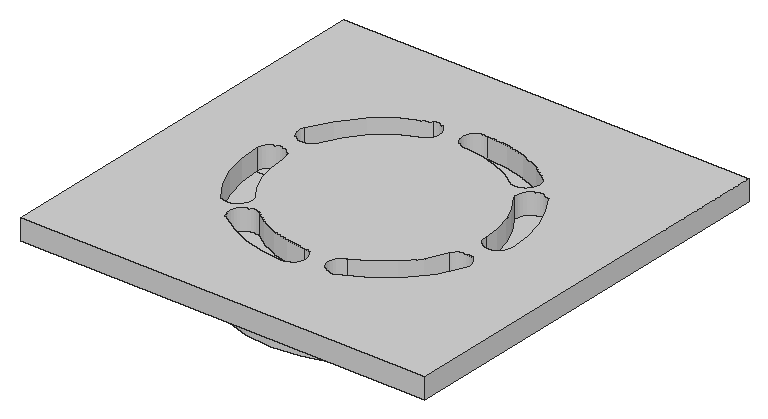
Revit family "Grate-Floor_Drain-Whitehall-BestCare-WHDG-SQ-SS_Series", category Plumbing Fixtures, Revit 2019
Family settings
  Round Connector Dimension = Use Diameter
  Part Type = Normal
  OmniClass Number = 23.70.50.21.24
  OmniClass Title = Waste Water Drains
  Work Plane-Based = Yes
  Always vertical = No
  Cut with Voids When Loaded = No
  Shared = Yes
  Room Calculation Point = No
Parameters (values of type "WHDG-5SQ-SS")
  Width = Length  # 5"
  Waste Connection = no
  Vent Connection = no
  URL = "https://www.whitehallmfg.com/home"
  Type Comments = "Appropriate for Poured Finished Floors.For use in JR SMITH Floor Drains."
  Product Page URL = "https://www.whitehallmfg.com/product.aspx?ProductId=1083"
  Product Documentation Link = "https://www.whitehallmfg.com/uploads/fileLibrary/WHDG-SS.pdf"
  Model = "WHDG-5SQ-SS"
  Material = "Metal-Whitehall-Stainless Steel"
  Manufacturer = "Whitehall Mfg."  # constant formula
  Length = 5"
  Keynote = "5” Square Stn Stl Floor Drain Grate Only"
  Installation Type = "Floor Mounted"
  Height = 7/8"  # constant formula
  HW Connection = no
  Finish = Metal-Whitehall-Stainless Steel
  Description = "BestCare® Ligature-Resistant Floor Drain Grate - Stainless Steel"  # constant formula
  Default Elevation = 0"
  Creation Date = "08/15/2023"  # constant formula
  CW Connection = no
  Assembly Code = "D2030300"
Types (3): name | Width | Model | Length | Keynote
  (no name) | 5" | "WHDG-5SQ-SS" | 5" | "5” Square Stn Stl Floor Drain Grate Only"
  WHDG-5SQ-SS | 5" | "WHDG-5SQ-SS" | 5" | "5” Square Stn Stl Floor Drain Grate Only"
  WHDG-6SQ-SS | 6" | "WHDG-6SQ-SS" | 6" | "6” Square Stn Stl Floor Drain Grate Only"
Reference planes (in)
  plane 1 "Center (Front/Back)": y = 0
  plane 2: z = 0
  plane 3 "Center (Left/Right)": x = 0
  plane 4: z = 5.90551
  plane 5: x = -2.5
  plane 6: x = 2.5
  plane 7: z = -0.875
  plane 8: y = 2.5
  plane 9: y = -2.5
Forms (in)
  Revolve 1, solid, material "Metal-Whitehall-Stainless Steel" <- "Finish"
    sketch origin (0, 0, 0) x (1, 0, 0) y (0, 0, 1)
      loop
        line (0, -0.875) -> (0, -0.25555) -> (-1.8607, -0.25555)
        arc (-1.8607, -0.25555) -> (-1.68393, -0.32877) -> (-1.6107, -0.50555) r 0.25
        line (-1.6107, -0.50555) -> (-1.6107, -0.76418) -> (-1.75, -0.76418) -> (-1.75, -0.875) -> (0, -0.875)
      axis (0, -0.25555) -> (0, -0.875)
    angle from 0 to 360
  Extrusion 2, solid, material "Metal-Whitehall-Stainless Steel" <- "Finish"
    sketch origin (0, 0, 0) x (1, 0, 0) y (0, 1, 0)
      loop
        line (-2.5, 2.5) -> (-2.5, -2.5) -> (2.5, -2.5) -> (2.5, 2.5) -> (-2.5, 2.5)
    from -0.25555 to 0
  Extrusion 3, void
    sketch origin (0, 0.5, 8.76559) x (1, 0, 0) y (0, 1, 0)
      loop
        arc (0.78186, 0.47602) -> (0.97908, 0.53992) -> (0.97843, 0.74723) r 0.17587
        arc (0.97843, 0.74723) -> (0.51762, 0.99834) -> (0.00005, 1.08504) r 1.58334
        arc (0.00005, 1.08504) -> (-0.16639, 0.91847) -> (0.00014, 0.75198) r 0.16653
        arc (0.00014, 0.75198) -> (0.41454, 0.6807) -> (0.78186, 0.47602) r 1.25
      loop
        arc (-1.16052, -0.03813) -> (-0.88208, 0.38587) -> (-0.45808, 0.66431) r 1.25
        arc (-0.45808, 0.66431) -> (-0.37041, 0.87825) -> (-0.58035, 0.9751) r 0.16714
        arc (-0.58035, 0.9751) -> (-1.11596, 0.62555) -> (-1.46958, 0.09263) r 1.58333
        arc (-1.46958, 0.09263) -> (-1.3784, -0.12419) -> (-1.16052, -0.03813) r 0.16714
      loop
        arc (0.45832, -1.65697) -> (0.37226, -1.87485) -> (0.58907, -1.96603) r 0.16714
        arc (0.58907, -1.96603) -> (1.122, -1.61241) -> (1.47155, -1.0768) r 1.58333
        arc (1.47155, -1.0768) -> (1.3747, -0.86686) -> (1.16076, -0.95453) r 0.16714
        arc (1.16076, -0.95453) -> (0.88232, -1.37853) -> (0.45832, -1.65697) r 1.25
      loop
        arc (0.9691, 0.28878) -> (1.17378, -0.07854) -> (1.24506, -0.49296) r 1.25
        arc (1.24506, -0.49296) -> (1.41154, -0.65948) -> (1.57812, -0.49305) r 0.16653
        arc (1.57812, -0.49305) -> (1.49142, 0.02454) -> (1.24031, 0.48537) r 1.58333
        arc (1.24031, 0.48537) -> (1.03299, 0.48601) -> (0.9691, 0.28878) r 0.17587
      loop
        arc (-0.97223, -1.27807) -> (-1.17691, -0.91074) -> (-1.24819, -0.49633) r 1.25
        arc (-1.24819, -0.49633) -> (-1.41467, -0.3298) -> (-1.58125, -0.49624) r 0.16653
        arc (-1.58125, -0.49624) -> (-1.49455, -1.01383) -> (-1.24344, -1.47465) r 1.58333
        arc (-1.24344, -1.47465) -> (-1.03612, -1.4753) -> (-0.97223, -1.27807) r 0.17587
      loop
        arc (-0.78499, -1.46531) -> (-0.98222, -1.5292) -> (-0.98157, -1.73652) r 0.17587
        arc (-0.98157, -1.73652) -> (-0.52075, -1.98763) -> (-0.00316, -2.07432) r 1.58333
        arc (-0.00316, -2.07432) -> (0.16328, -1.90775) -> (-0.00325, -1.74127) r 0.16653
        arc (-0.00325, -1.74127) -> (-0.41766, -1.66999) -> (-0.78499, -1.46531) r 1.25
    from -9.02114 to -8.76559
Cuts and joins
  Extrusion 3 cuts Extrusion 2
Lines and regions (in)
  Masking region 1
    outline origin (0, 0, 0) x (1, 0, 0) y (0, 1, 0)
      loop
        line (2.5, 2.5) -> (-2.5, 2.5) -> (-2.5, -2.5) -> (2.5, -2.5) -> (2.5, 2.5)
  symbolic lines, detail levels fine
    curve 1: arc (0.58892, -1.46557, 0) -> (0.37205, -1.3754, 0) -> (0.45832, -1.15696, 0) r 0.16758
    curve 2: arc (0.45832, -1.15696, 0) -> (0.88233, -0.87851, 0) -> (1.16078, -0.45449, 0) r 1.25
    curve 3: arc (1.16078, -0.45449, 0) -> (1.37444, -0.3669, 0) -> (1.47125, -0.57654, 0) r 0.16696
    curve 4: arc (1.47125, -0.57654, 0) -> (1.12175, -1.11203, 0) -> (0.58892, -1.46557, 0) r 1.58309
    curve 5: arc (1.24506, 0.00704, 0) -> (1.41154, -0.15948, 0) -> (1.57812, 0.00695, 0) r 0.16653
    curve 6: arc (1.57812, 0.00695, 0) -> (1.49142, 0.52454, 0) -> (1.24031, 0.98537, 0) r 1.58333
    curve 7: arc (1.24031, 0.98537, 0) -> (1.03299, 0.98601, 0) -> (0.9691, 0.78878, 0) r 0.17587
    curve 8: arc (0.9691, 0.78878, 0) -> (1.17378, 0.42146, 0) -> (1.24506, 0.00704, 0) r 1.25
    curve 9: arc (0.97843, 1.24723, 0) -> (0.97908, 1.03992, 0) -> (0.78186, 0.97602, 0) r 0.17587
    curve 10: arc (0.78186, 0.97602, 0) -> (0.41454, 1.1807, 0) -> (0.00014, 1.25198, 0) r 1.25
    curve 11: arc (0.00014, 1.25198, 0) -> (-0.16639, 1.41847, 0) -> (0.00005, 1.58504, 0) r 0.16653
    curve 12: arc (0.00005, 1.58504, 0) -> (0.51762, 1.49834, 0) -> (0.97843, 1.24723, 0) r 1.58334
    curve 13: arc (-0.58009, 1.4748, 0) -> (-0.37045, 1.37799, 0) -> (-0.45805, 1.16433, 0) r 0.16696
    curve 14: arc (-0.45805, 1.16433, 0) -> (-0.88206, 0.88588, 0) -> (-1.16051, 0.46188, 0) r 1.25
    curve 15: arc (-1.16051, 0.46188, 0) -> (-1.37895, 0.3756, 0) -> (-1.46912, 0.59247, 0) r 0.16758
    curve 16: arc (-1.46912, 0.59247, 0) -> (-1.11558, 1.1253, 0) -> (-0.58009, 1.4748, 0) r 1.58309
    curve 17: arc (-1.24819, 0.00367, 0) -> (-1.41467, 0.1702, 0) -> (-1.58125, 0.00376, 0) r 0.16653
    curve 18: arc (-1.58125, 0.00376, 0) -> (-1.49455, -0.51383, 0) -> (-1.24344, -0.97465, 0) r 1.58333
    curve 19: arc (-1.24344, -0.97465, 0) -> (-1.03612, -0.9753, 0) -> (-0.97223, -0.77807, 0) r 0.17587
    curve 20: arc (-0.97223, -0.77807, 0) -> (-1.17691, -0.41074, 0) -> (-1.24819, 0.00367, 0) r 1.25
    curve 21: arc (-0.98157, -1.23652, 0) -> (-0.98222, -1.0292, 0) -> (-0.78499, -0.96531, 0) r 0.17587
    curve 22: arc (-0.78499, -0.96531, 0) -> (-0.41766, -1.16999, 0) -> (-0.00325, -1.24127, 0) r 1.25
    curve 23: arc (-0.00325, -1.24127, 0) -> (0.16328, -1.40775, 0) -> (-0.00316, -1.57432, 0) r 0.16653
    curve 24: arc (-0.00316, -1.57432, 0) -> (-0.52075, -1.48763, 0) -> (-0.98157, -1.23652, 0) r 1.58333
Dimensions and locks (in)
  equal spacing: plane 5, plane 3 "Center (Left/Right)", plane 6  (x2)
  "Height": level to plane 7
  equal spacing: plane 9, plane 1 "Center (Front/Back)", plane 8
  "Length": plane 9 to plane 8
  "Width": plane 5 to plane 6
  aligned and locked: Revolve 1 sketch curve to plane 7
  aligned and locked: Extrusion 2 sketch curve to plane 8
  aligned and locked: Extrusion 2 sketch curve to plane 5
  aligned and locked: Extrusion 2 sketch curve to plane 9
  aligned and locked: Extrusion 2 sketch curve to plane 6
  aligned and locked: level to Extrusion 2
  aligned and locked: Revolve 1 to Extrusion 3
  aligned and locked: level to Extrusion 3
Automatic sketch dimensions
  curve 17 to plane 1 "Center (Front/Back)" = 0.00367"
  curve 17 to plane 3 "Center (Left/Right)" = 1.41472"
  curve 17 to curve 15 = 0.10107"
  curve 17 to curve 19 = 0.27538"
  curve 19 to curve 21 = 0.29952"
  curve 13 to plane 3 "Center (Left/Right)" = 0.52583"
  curve 6 to plane 3 "Center (Left/Right)" = 0.00522"
  curve 6 to curve 8 = 0.00028"
  curve 6 to curve 24 = 0.0012"  (x2)
  curve 23 to plane 3 "Center (Left/Right)" = 0.00325"
  curve 4 to plane 3 "Center (Left/Right)" = 0.00189"
  curve 22 to plane 3 "Center (Left/Right)" = 0.00157"
  curve 4 to curve 10 = 0.00033"
  curve 2 to plane 3 "Center (Left/Right)" = 0.00156"
  curve 16 to plane 3 "Center (Left/Right)" = 0.0004"
  plane 3 "Center (Left/Right)" to curve 11 = 0.00014"
  plane 3 "Center (Left/Right)" to curve 12 = 0.00087"
  plane 3 "Center (Left/Right)" to curve 20 = 0.00181"
  curve 12 to curve 14 = 0.00095"
  curve 14 to curve 18 = 0.00027"
  plane 3 "Center (Left/Right)" to curve 1 = 0.52638"
  plane 3 "Center (Left/Right)" to curve 9 = 0.83669"
  curve 9 to curve 7 = 0.29952"
  plane 1 "Center (Front/Back)" to curve 3 = 0.52228"
  curve 1 to curve 3 = 0.78698"
  curve 5 to plane 1 "Center (Front/Back)" = 0.00704"
  curve 3 to curve 5 = 0.09823"
  plane 1 "Center (Front/Back)" to curve 19 = 0.8329"
  curve 21 to curve 19 = 0.29952"
  curve 1 to curve 3 = 0.78782"
  curve 23 to curve 1 = 0.0977"
  curve 16 to plane 1 "Center (Front/Back)" = 0.00166"
  curve 16 to curve 12 = 0.00004"
  curve 16 to curve 10 = 0.00033"
  curve 12 to curve 14 = 0.00029"
  curve 14 to curve 18 = 0.00091"
  curve 10 to curve 4 = 0.00116"
  curve 18 to curve 20 = 0.00246"
  curve 4 to curve 8 = 0.00221"
  curve 4 to curve 2 = 0.00222"
  curve 8 to curve 6 = 0.00246"
  curve 2 to curve 22 = 0.00336"
  curve 15 to plane 1 "Center (Front/Back)" = 0.52993"
  curve 7 to plane 1 "Center (Front/Back)" = 0.84361"
  curve 7 to curve 9 = 0.29952"
  curve 15 to curve 13 = 0.78698"
  curve 13 to curve 11 = 0.10161"
  curve 15 to curve 15 = 0.15547"
  curve 16 to curve 15 = 0"
  curve 18 to plane 1 "Center (Front/Back)" = 0.00376"
  curve 17 to curve 18 = 0"
  curve 18 to curve 19 = 0.1041"
  curve 15 to curve 15 = 0.15314"
  curve 21 to curve 21 = 0.14175"
  curve 21 to curve 21 = 0.05483"
  curve 13 to curve 13 = 0.05426"
  curve 22 to plane 3 "Center (Left/Right)" = 0.00325"
  curve 23 to plane 3 "Center (Left/Right)" = 0.00316"
  plane 3 "Center (Left/Right)" to curve 12 = 0.00005"
  curve 11 to curve 12 = 0"
  curve 2 to curve 1 = 0.06805"
  curve 1 to curve 1 = 0.06254"
  curve 4 to curve 1 = 0"
  curve 10 to curve 9 = 0.05482"
  curve 7 to curve 7 = 0.16711"
  curve 3 to curve 3 = 0.15258"
  curve 7 to curve 7 = 0.1041"
  curve 5 to curve 5 = 0.16653"
  Revolve 1 sketch curve to plane 3 "Center (Left/Right)" = 0"  (x2)
  plane 7 to Revolve 1 sketch curve = 0.36945"
  Revolve 1 sketch curve to plane 5 = 0.8893"
  Revolve 1 sketch curve to Revolve 1 sketch curve = 0.1393"
  Revolve 1 sketch curve to level = 0.25555"
  plane 7 to Revolve 1 sketch curve = 0.11082"
  Revolve 1 sketch curve to plane 7 = 0.72091"
  Revolve 1 sketch curve to plane 4 = 4 3/4"
  Masking region 1 sketch curve to plane 5 = 0"
  Masking region 1 sketch curve to plane 6 = 0"
  plane 9 to Masking region 1 sketch curve = 0"
  Masking region 1 sketch curve to plane 8 = 0"
  Extrusion 3 sketch curve to plane 1 "Center (Front/Back)" = 0.00367"
  Extrusion 3 sketch curve to plane 3 "Center (Left/Right)" = 1.41472"
  Extrusion 3 sketch curve to Extrusion 3 sketch curve = 0.10146"  (x2)
  Extrusion 3 sketch curve to Extrusion 3 sketch curve = 0.27538"
  Extrusion 3 sketch curve to Extrusion 3 sketch curve = 0.29952"  (x4)
  Extrusion 3 sketch curve to plane 3 "Center (Left/Right)" = 0.52595"
  Extrusion 3 sketch curve to plane 3 "Center (Left/Right)" = 0.00522"
  Extrusion 3 sketch curve to Extrusion 3 sketch curve = 0.00028"  (x4)
  Extrusion 3 sketch curve to Extrusion 3 sketch curve = 0.0012"  (x2)
  Extrusion 3 sketch curve to plane 3 "Center (Left/Right)" = 0.00325"  (x2)
  Extrusion 3 sketch curve to plane 3 "Center (Left/Right)" = 0.00185"
  Extrusion 3 sketch curve to plane 3 "Center (Left/Right)" = 0.00156"  (x2)
  Extrusion 3 sketch curve to Extrusion 3 sketch curve = 0.00029"
  Extrusion 3 sketch curve to plane 3 "Center (Left/Right)" = 0.00065"
  plane 3 "Center (Left/Right)" to Extrusion 3 sketch curve = 0.00014"
  plane 3 "Center (Left/Right)" to Extrusion 3 sketch curve = 0.00087"
  Extrusion 3 sketch curve to Extrusion 3 sketch curve = 0.00093"
  plane 3 "Center (Left/Right)" to Extrusion 3 sketch curve = 0.00181"
  plane 3 "Center (Left/Right)" to Extrusion 3 sketch curve = 0.52619"
  plane 3 "Center (Left/Right)" to Extrusion 3 sketch curve = 0.83669"
  plane 1 "Center (Front/Back)" to Extrusion 3 sketch curve = 0.5224"
  Extrusion 3 sketch curve to Extrusion 3 sketch curve = 0.78731"  (x3)
  Extrusion 3 sketch curve to plane 1 "Center (Front/Back)" = 0.00704"
  Extrusion 3 sketch curve to Extrusion 3 sketch curve = 0.09808"  (x2)
  plane 1 "Center (Front/Back)" to Extrusion 3 sketch curve = 0.8329"
  Extrusion 3 sketch curve to plane 1 "Center (Front/Back)" = 0.0017"
  Extrusion 3 sketch curve to Extrusion 3 sketch curve = 0"  (x4)
  Extrusion 3 sketch curve to Extrusion 3 sketch curve = 0.00091"  (x2)
  Extrusion 3 sketch curve to Extrusion 3 sketch curve = 0.00246"  (x3)
  Extrusion 3 sketch curve to Extrusion 3 sketch curve = 0.00337"
  Extrusion 3 sketch curve to plane 1 "Center (Front/Back)" = 0.52974"
  Extrusion 3 sketch curve to plane 1 "Center (Front/Back)" = 0.84361"
  Extrusion 3 sketch curve to Extrusion 3 sketch curve = 0.15507"
  Extrusion 3 sketch curve to Extrusion 3 sketch curve = 0.00125"
  Extrusion 3 sketch curve to plane 1 "Center (Front/Back)" = 0.00376"
  Extrusion 3 sketch curve to Extrusion 3 sketch curve = 0.1041"  (x2)
  Extrusion 3 sketch curve to Extrusion 3 sketch curve = 0.15274"  (x2)
  Extrusion 3 sketch curve to Extrusion 3 sketch curve = 0.14175"
  Extrusion 3 sketch curve to Extrusion 3 sketch curve = 0.16711"  (x2)
  Extrusion 3 sketch curve to Extrusion 3 sketch curve = 0.05483"
  Extrusion 3 sketch curve to Extrusion 3 sketch curve = 0.0544"  (x2)
  Extrusion 3 sketch curve to Extrusion 3 sketch curve = 0.06788"  (x3)
  Extrusion 3 sketch curve to plane 3 "Center (Left/Right)" = 0.00316"
  plane 3 "Center (Left/Right)" to Extrusion 3 sketch curve = 0.00005"
  Extrusion 3 sketch curve to Extrusion 3 sketch curve = 0.06238"
  Extrusion 3 sketch curve to Extrusion 3 sketch curve = 0.0005"
  Extrusion 3 sketch curve to Extrusion 3 sketch curve = 0.05482"
  Extrusion 3 sketch curve to Extrusion 3 sketch curve = 0.16653"
  Extrusion 3 sketch curve to Extrusion 3 sketch curve = 0.15804"
